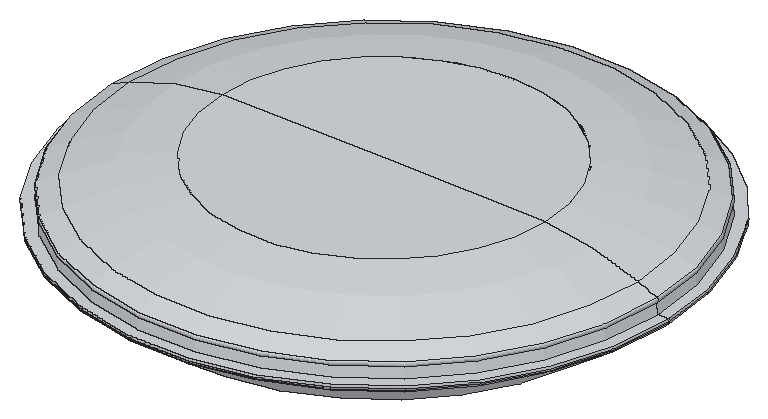
Revit family "Lighting-UrbanSystem-GEWISS-URBAN[O3]-LED-BRACKETSGW_OPTIC_CYCLE-PEDESTRIAN", category Apparecchi per illuminazione, host Superficie, Revit 2019
Family settings
  Host = Superficie
  Quota connettore circolare = Usa diametro
  Tipo di parte = Normale
  Numero OmniClass = 23.80.70.00
  Titolo OmniClass = Lighting
  Taglio con vuoti quando caricato = No
  Sorgente d'illuminazione = No
  Condiviso = No
  Punto di calcolo locali = Sì
Parameters (values of type "GWS7502B - URBAN 3 MOD.LED 3500K CYCL.OPT.GR.BLUE")
  Working temperature = "-25 +35 °C"
  Weight (kg): = "8,8"
  Weight (kg) = "8,8"
  Warranty = "5 years"
  Voltage: = "220/240 V - 50/60 Hz"
  Voltage = "220/240 V - 50/60 Hz - Stand alone and/or possibility of dimmer 1-10 V"
  Visibility_label [instance] = yes
  Vetro = GEWISS - VETRO
  Version file RFA = "20.11"
  Urbano 2D [instance] = yes
  Type of light source = "LED"
  Type of lamp: = "LED"
  Technical sheet = "https://www.gewiss.com/ww/en/search?q=GWS7502B"
  System power = "81W"
  Suitable for: = "Gewiss side brackets"
  Suitable for = "Gewiss side brackets"
  Spostamento_y_etichetta [instance] = 0 mm
  Spostamento_y_effettivo_etichetta [instance] = 1500 mm - Spostamento_y_etichetta  # 1500 mm
  Spostamento_x_etichetta [instance] = 0 mm
  Spostamento_x_effettivo_etichetta [instance] = 1500 mm - Spostamento_x_etichetta  # 1500 mm
  URL = "https://www.gewiss.com/ww/en"
  Simbolo in pianta [instance] = not(Urbano 2D)  # no
  Shock resistance = "IK08 BODY - IK06 LENS"
  SEO = "Street lighting"
  Risk photobiological = "RG1/RG2 @ 20cm"
  Realized by GEWISS S.p.A. = ""
  Default Elevation = 1219.2 mm
  Produttore = "GEWISS S.p.A."
  Power supply operation = ""
  Pilot current = "530mA"
  Photobiologic Risk = "RG1/RG2 @ 20cm"
  Optic = "Cycle and pedestrian - ULOR: 0%"
  Operating temperature: = "-25 +35 °C"
  Number of modules = "3 (3x16 LED)"
  Nominal flux (lm) = "5760"
  No. Chorus modules = "3 (3x16 LED)"
  Modello = "GWS7502B"
  Minimum distance from the illuminated object = "1M"
  Maximum surface exposed to the wind = "0,25M2"
  Lumen output (lm) = "4740"
  LED current = "530mA"
  LED LifeTime (L80B20) = "50000H"
  LED Life time (L90B20) = "50000H"
  LED Life time (L80B10) = "100000H"
  Insulation class = "II"
  Immagine tipo = GW87908.jpg
  IP degree = "IP66"
  IFC.TypeObject = ""
  IFC.ExportType = ""
  IFC.ExportAs = ""
  IDT = "a19afcb9-5bbe-476a-b188-1c900bde322b"
  IDF = "d6815caf-acd5-46d1-9e92-836335ee2de2"
  Finitura = GEWISS - BLU NOTTE
  Electrocod = "244C"
  EAN code = "8011564868946"
  Driver type = "Constant Current Driver Led"
  Descrizione = "URBAN 3 MOD.LED 3500K CYCL.OPT.GR.BLUE"
  Type Comments = ""
  Colour temperature: = "3500 K (CRI 85)"
  Colour temperature = "3500 K (CRI 85)"
  Colour = "Midnight blue"
  Catalogue Range = "URBAN [O3]"
  Catalogue = "LIGHTING"
  COBie.Tagnumber = ""
  COBie.CreatedOn = ""
  COBie.CreatebBy = ""
  COBie.ComponentRegisterItemID = ""
  COBie.Component.TagNumber = ""
  COBie.Component.Space = ""
  COBie.Component.SerialNumber = ""
  COBie.Component.InstallationDate = ""
  COBie.Component.Description = ""
  COBie.Component.BarCode = ""
  Application = "External"
Types (4, lengths in mm): name | Weight (kg): | Weight (kg) | Technical sheet | System power | Number of modules | Nominal flux (lm) | No. Chorus modules | Modello | Lumen output (lm) | IDT | EAN code | Descrizione
  (no name) | "8,8" | "8,8" | "https://www.gewiss.com/ww/en/search?q=GWS7502B" | "81W" | "3 (3x16 LED)" | "5760" | "3 (3x16 LED)" | "GWS7502B" | "4740" | "a19afcb9-5bbe-476a-b188-1c900bde322b" | "8011564868946" | "URBAN 3 MOD.LED 3500K CYCL.OPT.GR.BLUE"
  GWS7501B - URBAN 2 MOD.LED 3500K CYCL.OPT.BLUE | "8,2" | "8,2" | "https://www.gewiss.com/ww/en/search?q=GWS7501B" | "54W" | "2 (2x16 LED)" | "3940" | "2 (2x16 LED)" | "GWS7501B" | "3240" | "9cef22dd-848f-4656-b66b-5d2c6d9a165e" | "8011564868939" | "URBAN 2 MOD.LED 3500K CYCL.OPT.BLUE"
  GWS7502B - URBAN 3 MOD.LED 3500K CYCL.OPT.GR.BLUE | "8,8" | "8,8" | "https://www.gewiss.com/ww/en/search?q=GWS7502B" | "81W" | "3 (3x16 LED)" | "5760" | "3 (3x16 LED)" | "GWS7502B" | "4740" | "a19afcb9-5bbe-476a-b188-1c900bde322b" | "8011564868946" | "URBAN 3 MOD.LED 3500K CYCL.OPT.GR.BLUE"
  GWS7503B - URBAN 4 MOD.LED 3500K CYCL.OPT.BLUE | "9,5" | "9,5" | "https://www.gewiss.com/ww/en/search?q=GWS7503B" | "105W" | "4 (4x16 LED)" | "7540" | "4 (4x16 LED)" | "GWS7503B" | "6210" | "1c2fd19a-ae80-4471-bd42-ebf9ea4325ee" | "8011564868953" | "URBAN 4 MOD.LED 3500K CYCL.OPT.BLUE"
Reference planes
  plane 1 "Centro (Fronte/Retro)": y = 0
  plane 2: z = 0
  plane 3 "Centro (Sinistra/Destra)": x = 0
  plane 4: x = -1500
  plane 5: y = -1500
  plane 6: x = 0
  plane 7: y = 0
Lines and regions (mm)
  Masking region 1, visible <- "Urbano 2D"
    outline origin (0, 0, 0) x (1, 0, 0) y (0, 1, 0)
      loop
        circle (0.023, 0) r 285
  symbolic lines, visible <- "Urbano 2D"
    curve 1: circle (0.023, 0, 0) r 185 normal (0, 0, 1)
Dimensions and locks
  plane 4 to plane 3 "Centro (Sinistra/Destra)" = 1500 mm
  "Spostamento_x_effettivo_etichetta": plane 4 to plane 6
  "Spostamento_y_effettivo_etichetta": plane 7 to plane 5
  plane 5 to plane 1 "Centro (Fronte/Retro)" = 1500 mm
  aligned and locked: plane 2 to host face
  aligned and locked: level to host face
  aligned and locked: plane 3 "Centro (Sinistra/Destra)" to nested 1
  aligned and locked: plane 3 "Centro (Sinistra/Destra)" to nested 2
  aligned and locked: plane 1 "Centro (Fronte/Retro)" to nested 2
  aligned and locked: host face to nested 2
  aligned and locked: plane 6 to nested 3
  aligned and locked: nested 3 to plane 7
Automatic sketch dimensions
  host sketch curve to host sketch curve = 2438.4 mm  (x2)
  plane 1 "Centro (Fronte/Retro)" to Masking region 1 sketch curve = 0 mm
  plane 3 "Centro (Sinistra/Destra)" to Masking region 1 sketch curve = 0.023 mm
  plane 1 "Centro (Fronte/Retro)" to curve 1 = 0 mm
  plane 3 "Centro (Sinistra/Destra)" to curve 1 = 0.023 mm
  radius of Masking region 1 sketch curve = 285 mm
  radius of curve 1 = 185 mm
Nested families
  nested 1: "URBANO_annotazione" at (0, 0, 0), visible <- "Simbolo in pianta", type "URBANO_annotazione"
  nested 2: "generico URBAN[O3] ILLUM URBANA LED X SBRACCI GW OTTICA CICLOPED" at (0, 0, 145.179) x (1, 0, 0) z (0, 0, -1), type "generico URBAN[O3] ILLUM URBANA LED X SBRACCI GW OTTICA CICLOPED"
  nested 3: "ETICHETTA LIGHT" at (0, 0, 0), visible <- "Visibility_label", type "ETICHETTA LIGHT"
Definition of nested family "generico URBAN[O3] ILLUM URBANA LED X SBRACCI GW OTTICA CICLOPED"
  Parameters (values of type "generico URBAN[O3] ILLUM URBANA LED X SBRACCI GW OTTICA CICLOPED")
    Vetro = none
    Default Elevation = 1219.2 mm
    Finitura = none
  Reference planes
    plane 1 "Centro (Fronte/Retro)": y = 0
    plane 2: z = 0
    plane 3 "Centro (Sinistra/Destra)": x = 0
    plane 4: z = 33.903
    plane 5: z = 44.56
    plane 6: y = -40
    plane 7: y = 40
    plane 8: y = -21.818
    plane 9: y = 25
    plane 10: z = 245.237
  Forms (mm)
    Revolve 1, solid, material <- "Finitura"
      sketch origin (0, 0, 0) x (1, 0, 0) y (0, 0, 1)
        loop
          line (0, 145.179) -> (-39.848, 145.179) -> (-43.403, 143.885)
          arc (-43.403, 143.885) -> (-170.03, 116.692) -> (-281.867, 51.376) r 410.213
          arc (-281.867, 51.376) -> (-283.095, 50.238) -> (-284.305, 49.08) r 104.477
          arc (-284.305, 49.08) -> (-284.915, 48.205) -> (-285.157, 47.166) r 2.821
          line (-285.157, 47.166) -> (-285.157, 44.56) -> (0, 44.56) -> (0, 145.179)
        axis (0, 145.179) -> (0, 44.56)
      angle from 0 to 360
    Revolve 2, solid, material <- "Vetro"
      sketch origin (0, 0, 0) x (1, 0, 0) y (0, 0, 1)
        loop
          line (0, 44.56) -> (-273.995, 44.56) -> (-273.274, 33.903)
          arc (-273.274, 33.903) -> (-274.138, 31.863) -> (-273.281, 29.819) r 2.854
          arc (-273.281, 29.819) -> (-264.038, 25.43) -> (-254.645, 21.373) r 286.239
          arc (-254.645, 21.373) -> (-209.229, 6.908) -> (-162.069, 0) r 292.91
          line (-162.069, 0) -> (0, 0) -> (0, 44.56)
        axis (0, 44.56) -> (0, 0)
      angle from 0 to 360
  Lines and regions (mm)
    model lines
      curve 1: line (0, 0, 149.579) -> (0, 0, 134.579)
  Dimensions and locks
    locked: plane 5 to plane 4 at 10.656
    plane 4 to plane 2 = 33.903 mm
    equal spacing: plane 6, plane 1 "Centro (Fronte/Retro)", plane 7
    plane 6 to plane 7 = 80 mm
    locked: plane 6 to plane 8 at 18.182
    locked: plane 9 to plane 7 at 15
    aligned and locked: level to plane 2
    aligned and locked: Revolve 1 sketch curve to plane 5
    aligned and locked: Revolve 1 sketch curve to plane 3 "Centro (Sinistra/Destra)"
    aligned and locked: Revolve 2 sketch curve to plane 5
    aligned and locked: Revolve 2 sketch curve to level
    aligned and locked: Revolve 2 sketch curve to plane 3 "Centro (Sinistra/Destra)"
  Automatic sketch dimensions
    curve 1 to plane 3 "Centro (Sinistra/Destra)" = 0 mm
    curve 1 to plane 5 = 90.019 mm
    curve 1 to curve 1 = 15 mm
    Revolve 1 sketch curve to plane 3 "Centro (Sinistra/Destra)" = 0 mm
    Revolve 1 sketch curve to plane 3 "Centro (Sinistra/Destra)" = 21.666 mm
    Revolve 1 sketch curve to plane 3 "Centro (Sinistra/Destra)" = 39.848 mm
    Revolve 1 sketch curve to Revolve 1 sketch curve = 3.555 mm
    Revolve 1 sketch curve to level = 25.811 mm
    Revolve 1 sketch curve to plane 3 "Centro (Sinistra/Destra)" = 211.457 mm
    Revolve 1 sketch curve to plane 5 = 2.498 mm
    Revolve 1 sketch curve to Revolve 1 sketch curve = 70.881 mm
    Revolve 1 sketch curve to Revolve 1 sketch curve = 2.819 mm
    Revolve 1 sketch curve to level = 265.751 mm
    Revolve 1 sketch curve to Revolve 1 sketch curve = 2.606 mm
    Revolve 1 sketch curve to plane 5 = 99.325 mm
    Revolve 1 sketch curve to Revolve 1 sketch curve = 1.294 mm
    Revolve 1 sketch curve to Revolve 1 sketch curve = 2.438 mm
    Revolve 1 sketch curve to Revolve 1 sketch curve = 100.293 mm
    Revolve 1 sketch curve to Revolve 1 sketch curve = 2069.136 mm
    Revolve 2 sketch curve to plane 4 = 0 mm
    Revolve 2 sketch curve to plane 3 "Centro (Sinistra/Destra)" = 0 mm
    Revolve 2 sketch curve to plane 3 "Centro (Sinistra/Destra)" = 143.339 mm
    Revolve 2 sketch curve to Revolve 2 sketch curve = 2.535 mm
    Revolve 2 sketch curve to plane 3 "Centro (Sinistra/Destra)" = 162.069 mm
    plane 4 to Revolve 2 sketch curve = 2.046 mm
    Revolve 2 sketch curve to Revolve 2 sketch curve = 109.215 mm
    Revolve 2 sketch curve to Revolve 2 sketch curve = 1.99 mm
    Revolve 2 sketch curve to Revolve 2 sketch curve = 0.721 mm
    Revolve 2 sketch curve to plane 5 = 241.58 mm
    Revolve 2 sketch curve to Revolve 2 sketch curve = 6.171 mm
    Revolve 2 sketch curve to Revolve 2 sketch curve = 0 mm
    Revolve 2 sketch curve to level = 366.045 mm
    Revolve 2 sketch curve to Revolve 2 sketch curve = 1922.004 mm
Definition of nested family "URBANO_annotazione"
  Reference planes
    plane 1: y = 0
    plane 2: x = 0
  Lines and regions (mm)
    detail lines
      curve 1: circle (0.023, 0.036, 0) r 2.492 normal (0, 0, 1)
      curve 2: line (-1.739, 1.798, 0) -> (1.785, -1.726, 0)
      curve 3: line (-1.739, -1.726, 0) -> (1.785, 1.798, 0)
Definition of nested family "ETICHETTA LIGHT"
  Parameters (values of type "ETICHETTA LIGHT")
    COMMENTI = "32W"
  Reference planes
    plane 1: y = 0
    plane 2: x = 0
  Text (mm)
    label "COMMENTI" at (-0.057, 0.105, 0), shows "COMMENTI"
